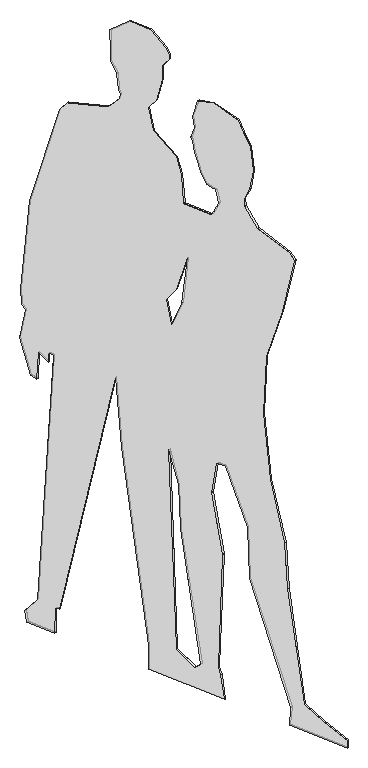
Revit family "Flat Couple 04", category Entourage, Revit 2015
Parameters
  Linework [instance] = yes
  Height = 0 mm
  Flat Material [instance] = none
Reference planes
  plane 1 "Center (Front/Back)": y = 0
  plane 2: z = 0
  plane 3 "Center (Left/Right)": x = 0
  plane 4: z = 1600
Forms (mm)
  Extrusion 1, solid, material <- "Flat Material"
    sketch origin (0, 0, 0) x (1, 0, 0) y (0, 0, 1)
      loop
        line (-473.09, 772.206) -> (-440.831, 679.926) -> (-420.407, 675.402) -> (-415.246, 750.58) -> (-386.397, 733.578) -> (-386.108, 758.336) -> (-369.284, 758.336) -> (-419.172, 74.157) -> (-456.966, 30.113) -> (-451.1, 0) -> (-365.412, 0) -> (-365.011, 69.64) -> (-352.207, 70.799) -> (-181.751, 764.529) -> (-162.935, 580.976) -> (-81.291, 67.645) -> (-81.291, 0) -> (151.272, 0) -> (140.501, 64.623) -> (133.882, 81.702) -> (146.698, 396.993) -> (113.574, 554.697) -> (129.11, 638.342) -> (154.38, 640.413) -> (221.282, 495.458) -> (228.725, 358.543) -> (354.329, 50.942) -> (349.389, 0) -> (526.072, 0) -> (526.072, 20.182) -> (454.323, 48.469) -> (395.342, 74.012) -> (345.147, 371.592) -> (336.385, 494.4) -> (291.293, 651.639) -> (269.751, 823.969) -> (280.522, 985.532) -> (328.991, 1125.553) -> (366.689, 1276.345) -> (350.533, 1292.501) -> (253.595, 1324.814) -> (214.488, 1371.42) -> (211.639, 1392.831) -> (229.004, 1423.219) -> (240.558, 1479.889) -> (231.105, 1540.755) -> (210.511, 1572.543) -> (194.355, 1599.471) -> (118.959, 1621.013) -> (70.49, 1610.241) -> (54.334, 1561.773) -> (59.961, 1533.635) -> (48.949, 1502.533) -> (54.334, 1491.762) -> (59.719, 1464.834) -> (81.261, 1410.981) -> (96.72, 1390.369) -> (116.032, 1385.541) -> (126.032, 1385.541) -> (135.115, 1351.741) -> (113.574, 1314.043) -> (28.349, 1314.043) -> (21.258, 1391.213) -> (5.082, 1433.306) -> (-64.853, 1479.835) -> (-80.521, 1538.138) -> (-55.739, 1567.348) -> (-38.349, 1629.526) -> (-37.912, 1667.07) -> (-17.164, 1692.337) -> (-17.164, 1702.3) -> (-26.105, 1718.409) -> (-74.51, 1754.709) -> (-136.883, 1755.435) -> (-197.845, 1709.22) -> (-196.179, 1652.316) -> (-196.522, 1622.796) -> (-176.337, 1597.799) -> (-172.322, 1553.445) -> (-165.127, 1546.25) -> (-169.215, 1531.364) -> (-202.259, 1498.101) -> (-327.868, 1466.23) -> (-352.965, 1437.474) -> (-443.87, 1155.199) -> (-471.538, 905.521) -> (-468.217, 863.578) -> (-455.456, 855.334) -> (-473.09, 772.206)
      loop
        line (61.307, 57.542) -> (80.051, 71.449) -> (16.636, 420.062) -> (11.251, 538.541) -> (-17.728, 625.479) -> (5.626, 87.267) -> (61.307, 57.542)
      loop
        line (-10.573, 968.764) -> (22.021, 1039.386) -> (38.178, 1168.636) -> (5.865, 1071.698) -> (-26.274, 1032.418) -> (-10.573, 968.764)
    from -2.5 to 2.5
Lines and regions (mm)
  model lines
    curve 1: line (0, 150, 0) -> (0, -150, 0)
    curve 2: line (-150, 0, 0) -> (150, 0, 0)
Dimensions and locks
  aligned and locked: level to plane 2
